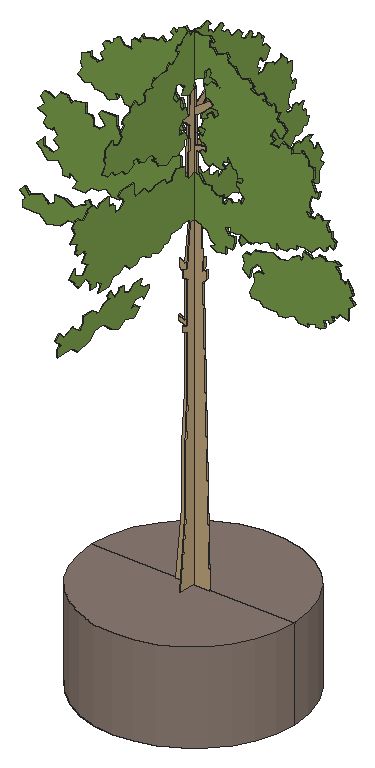
Revit family "L-PL특수목_소나무_3", category 수목, Revit 2019
Family settings
  OmniClass 번호 = 23.40.05.00
  OmniClass 제목 = Plants and Planting Products
  작업 기준면 기반 = 아니오
  항상 수직 = 예
  로드될 때 보이드를 사용하여 절단 = 아니오
  렌더 모양 소스 = 패밀리 형상
  공유 = 아니오
Parameters (values of type "소나무_특수목_3")
  한국산업규격KS = ""
  콘 높이 = 뿌리분 직경 / 4  # 272.5 mm
  조달청표준공사코드-세부공종 = "10161599202809"
  뿌리분 직경 = (24 mm + ((R / 10) - 3 mm) * 5) * 10  # 1090 mm
  뿌리분 높이 = 뿌리분 직경 / 2  # 545 mm
  높이 = 5000 mm
  건설정보분류체계-부위분류 = "E985"
  R = 200 mm
  LIM_INFO_주의사항 = "재배포, 재가공, 판매 금지"
  LIM_INFO_제작일 = "20211210"
  LIM_INFO_버전 = "2022_V01"
  LIM_INFO_PL_학명 = "Quercus myrsinaefolia Bl."
  LIM_INFO_PL_품명 = "가시나무"
  LIM_INFO_PL_주당인정수량 = 0
  LIM_INFO_PL_수목단위 = "주"
  LIM_INFO_PL_규격 = "5.0H X 18R"
  LIM_INFO_PL_구분 = "상록교목"
  LIM_INFO_PL_가격 = 0
  LIM_INFO_PL_Qty [instance] = 0
  LIM_INFO_PL_M2당수량 = 0
  KBIMS_식별-버전 = ""
  KBIMS_식별-bSK등록번호 = ""
  KBIMS_보급정보-저작자 = "림인포테크_MMJ"
  KBIMS_보급정보-보급코드 = ""
  H = 높이  # 5000 mm
Reference planes
  plane 1 "중심(앞/뒤)": y = 0
  plane 2: z = 0
  plane 3 "중심(왼쪽/오른쪽)": x = 0
  plane 4: x = 482.5
  plane 5: x = -607.5
  plane 6: z = -545
  plane 7: z = -817.5
  plane 8: z = 5000
  plane 9: x = -100
  plane 10: x = 100
Forms (mm)
  Revolve 1, solid, material "흙"
    sketch origin (0, 0, 0) x (1, 0, 0) y (0, 0, 1)
      loop
        line (0, 0) -> (-607.5, 0) -> (-607.5, -545) -> (0, -545) -> (0, 0)
      axis (0, 0) -> (0, -545)
    angle from 0 to 360
  Revolve 2, solid, material "흙"
    sketch origin (0, 0, 0) x (1, 0, 0) y (0, 0, 1)
      loop
        line (0, -545) -> (-607.5, -545) -> (0, -817.5) -> (0, -545)
      axis (0, -545) -> (0, -817.5)
    angle from 0 to 360
Dimensions and locks
  "뿌리분 직경": plane 4 to plane 5
  "뿌리분 높이": plane 6 to level
  "콘 높이": plane 7 to plane 6
  "H": level to plane 8
  "R": plane 9 to plane 10
  aligned and locked: level to plane 2
Automatic sketch dimensions
  Revolve 1 sketch curve to level = 0 mm  (x2)
  Revolve 1 sketch curve to plane 5 = 0 mm
  Revolve 1 sketch curve to plane 3 "중심(왼쪽/오른쪽)" = 0 mm  (x2)
  Revolve 1 sketch curve to plane 6 = 0 mm  (x2)
  Revolve 2 sketch curve to plane 5 = 0 mm
  Revolve 2 sketch curve to plane 3 "중심(왼쪽/오른쪽)" = 0 mm  (x2)
  Revolve 2 sketch curve to plane 7 = 0 mm  (x2)
  Revolve 2 sketch curve to plane 6 = 0 mm  (x2)
Nested families
  nested 1: "소나무3_base" at (0, 0, 0), type "소나무3_base"
Definition of nested family "소나무3_base"
  Parameters (values of type "소나무3_base")
    Height = 6000 mm
  Reference planes
    plane 1 "중심(앞/뒤)": y = 0
    plane 2: z = 0
    plane 3 "중심(왼쪽/오른쪽)": x = 0
  Forms (mm)
    Extrusion 1, solid
      sketch origin (1283.129, 0, -464.362) x (1, 0, 0) y (0, 0, 1)
        loop
          line (-1848.52, 2795.869) -> (-1828.432, 2775.765) -> (-1801.98, 2749.293) -> (-1839.141, 2719.508) -> (-1878.115, 2719.508) -> (-1878.115, 2758.452) -> (-1890.616, 2771.678) -> (-1922.972, 2771.678) -> (-1922.972, 2810.621) -> (-1922.972, 2827.521) -> (-1989.89, 2815.03) -> (-2009.009, 2796.661) -> (-2039.393, 2828.285) -> (-2077.397, 2828.285) -> (-2092.104, 2806.947) -> (-2109.912, 2781.112) -> (-2148.727, 2804.008) -> (-2171.523, 2804.008) -> (-2192.113, 2770.943) -> (-2170.788, 2737.878) -> (-2211.968, 2698.2) -> (-2156.816, 2677.626) -> (-2174.105, 2631.279) -> (-2155.345, 2613.7) -> (-2125.196, 2613.7) -> (-2114.165, 2626.926) -> (-2095.046, 2588.717) -> (-2119.313, 2557.856) -> (-2083.058, 2529.349) -> (-2114.12, 2489.847) -> (-2175.935, 2512.3) -> (-2175.935, 2551.978) -> (-2216.38, 2510.096) -> (-2194.003, 2488.487) -> (-2175.663, 2467.056) -> (-2151.901, 2439.29) -> (-2093.146, 2462.345) -> (-2062.498, 2416.407) -> (-2062.498, 2389.316) -> (-2022.418, 2389.316) -> (-2022.418, 2414.051) -> (-1975.266, 2383.426) -> (-2000.501, 2344.573) -> (-1922.22, 2344.573) -> (-1891.571, 2381.071) -> (-1846.776, 2381.071) -> (-1803.16, 2406.984) -> (-1768.975, 2374.003) -> (-1723.001, 2374.003) -> (-1692.352, 2398.739) -> (-1664.061, 2398.739) -> (-1642.842, 2379.893) -> (-1610.587, 2367.317) -> (-1604.096, 2383.964) -> (-1551.882, 2363.607) -> (-1516.921, 2376.897) -> (-1516.921, 2386.477) -> (-1495.533, 2386.477) -> (-1481.52, 2386.477) -> (-1468.982, 2409.323) -> (-1461.369, 2423.194) -> (-1429.156, 2423.194) -> (-1418.83, 2423.194) -> (-1381.954, 2423.194) -> (-1365.729, 2437.327) -> (-1318.527, 2437.327) -> (-1318.527, 2421.851) -> (-1266.163, 2421.851) -> (-1193.616, 2395.2) -> (-1174.327, 2352.946) -> (-1142.426, 2339.602) -> (-1175.069, 2320.329) -> (-1139.459, 2300.314) -> (-1082.334, 2310.692) -> (-1082.334, 2349.981) -> (-1040.047, 2349.981) -> (-1028.919, 2387.045) -> (-1028.919, 2416.697) -> (-1065.271, 2416.697) -> (-1082.334, 2453.021) -> (-1052.392, 2467.086) -> (-1052.392, 2437.454) -> (-1021.5, 2437.454) -> (-992.567, 2448.573) -> (-971.794, 2436.712) -> (-946.47, 2422.253) -> (-918.379, 2422.253) -> (-906.509, 2437.454) -> (-876.092, 2437.454) -> (-850.126, 2459.693) -> (-826.386, 2459.693) -> (-807.839, 2439.678) -> (-775.938, 2439.678) -> (-775.938, 2470.812) -> (-752.198, 2455.245) -> (-718.813, 2455.245) -> (-695.073, 2477.484) -> (-657.928, 2482.732) -> (-657.928, 2504.553) -> (-608.573, 2510.663) -> (-568.39, 2498.007) -> (-535.195, 2530.302) -> (-517.288, 2544.705) -> (-496.323, 2534.23) -> (-478.415, 2541.213) -> (-478.415, 2552.997) -> (-460.071, 2574.382) -> (-434.302, 2561.289) -> (-422.509, 2603.186) -> (-446.094, 2620.207) -> (-446.094, 2648.138) -> (-465.749, 2648.138) -> (-476.393, 2675.464) -> (-463.194, 2703.229) -> (-500.012, 2692.123) -> (-515.295, 2713.642) -> (-538.22, 2713.642) -> (-547.251, 2687.958) -> (-579.206, 2687.958) -> (-597.963, 2709.477) -> (-566.007, 2709.477) -> (-581.29, 2743.49) -> (-581.29, 2757.372) -> (-565.312, 2799.715) -> (-531.273, 2799.715) -> (-518.074, 2841.363) -> (-543.777, 2826.787) -> (-568.676, 2881.438) -> (-553.131, 2898.08) -> (-553.131, 2945.787) -> (-553.131, 2955.772) -> (-587.552, 2955.772) -> (-587.552, 2982.399) -> (-626.413, 3024.559) -> (-626.413, 3006.807) -> (-688.592, 2989.056) -> (-688.592, 3007.917) -> (-740.778, 3028.997) -> (-764.095, 2994.603) -> (-816.281, 2994.603) -> (-789.633, 3022.34) -> (-816.281, 3040.091) -> (-790.743, 3082.251) -> (-759.653, 3048.967) -> (-744.109, 3048.967) -> (-716.351, 3100.002) -> (-747.225, 3133.275) -> (-768.634, 3133.275) -> (-777.612, 3145.696) -> (-759.656, 3178.82) -> (-786.59, 3178.82) -> (-786.59, 3201.592) -> (-799.021, 3214.703) -> (-809.38, 3198.142) -> (-859.794, 3218.154) -> (-839.766, 3229.195) -> (-857.722, 3251.277) -> (-895.015, 3227.814) -> (-934.38, 3252.657) -> (-915.733, 3265.078) -> (-933.689, 3280.95) -> (-946.12, 3296.821) -> (-991.01, 3283.02) -> (-1007.584, 3299.581) -> (-1028.993, 3332.705) -> (-1050.402, 3332.705) -> (-1084.242, 3357.547) -> (-1064.214, 3367.898) -> (-1077.336, 3392.741) -> (-1111.176, 3373.419) -> (-1138.109, 3363.068) -> (-1156.065, 3389.98) -> (-1181.618, 3389.98) -> (-1181.618, 3422.413) -> (-1156.756, 3422.413) -> (-1180.927, 3449.326) -> (-1226.507, 3432.074) -> (-1272.087, 3444.496) -> (-1310.716, 3425.378) -> (-1322.231, 3448.646) -> (-1364.824, 3427.567) -> (-1379.133, 3402.967) -> (-1397.7, 3413.768) -> (-1413.043, 3387.392) -> (-1394.495, 3376.603) -> (-1410.875, 3348.442) -> (-1442.123, 3324.403) -> (-1466.694, 3344.937) -> (-1482.864, 3325.588) -> (-1482.864, 3313.69) -> (-1522.536, 3313.69) -> (-1577.485, 3298.513) -> (-1581.918, 3314.563) -> (-1598.481, 3284.675) -> (-1586.866, 3266.819) -> (-1632.433, 3275.301) -> (-1651.643, 3261.909) -> (-1645.835, 3238.251) -> (-1645.835, 3217.27) -> (-1697.068, 3217.27) -> (-1723.081, 3253.053) -> (-1758.303, 3227.448) -> (-1758.303, 3208.239) -> (-1807.398, 3200.172) -> (-1823.095, 3178.213) -> (-1804.258, 3159.391) -> (-1834.956, 3128.669) -> (-1819.507, 3097.996) -> (-1850.902, 3074.692) -> (-1893.957, 3090.377) -> (-1893.957, 3114.577) -> (-1949.57, 3086.344) -> (-1949.57, 3058.559) -> (-1956.298, 3038.393) -> (-1942.822, 3008.641) -> (-1971.077, 2966.964) -> (-1931.636, 2938.952) -> (-1892.055, 2954.053) -> (-1885.711, 2937.424) -> (-1869.026, 2920.255) -> (-1840.959, 2920.255) -> (-1817.211, 2920.255) -> (-1795.621, 2894.368) -> (-1778.349, 2894.368) -> (-1733.011, 2918.098) -> (-1745.377, 2941.725) -> (-1707.103, 2941.725) -> (-1689.112, 2905.154) -> (-1650.25, 2895.087) -> (-1628.66, 2910.188) -> (-1598.435, 2910.188) -> (-1572.527, 2878.548) -> (-1593.41, 2878.548) -> (-1565.44, 2855.533) -> (-1548.296, 2828.035) -> (-1489.648, 2810.905) -> (-1444.083, 2836.6) -> (-1411.149, 2821.273) -> (-1357.464, 2846.066) -> (-1357.464, 2880.326) -> (-1329.944, 2887.088) -> (-1352.501, 2923.151) -> (-1396.713, 2923.151) -> (-1396.713, 2963.271) -> (-1367.389, 2993.925) -> (-1327.633, 3003.124) -> (-1346.13, 3053.612) -> (-1367.008, 3045.963) -> (-1387.635, 3075.25) -> (-1387.635, 3112.214) -> (-1414.703, 3112.214) -> (-1444.906, 3146.638) -> (-1417.386, 3200.733) -> (-1382.648, 3200.733) -> (-1355.129, 3168.276) -> (-1372.723, 3134.467) -> (-1328.476, 3111.441) -> (-1269.406, 3131.213) -> (-1282.718, 3170.983) -> (-1247.213, 3201.36) -> (-1208.682, 3215.097) -> (-1208.682, 3244.966) -> (-1182.866, 3275.287) -> (-1170.184, 3248.586) -> (-1181.507, 3225.506) -> (-1143.009, 3218.717) -> (-1118.099, 3192.469) -> (-1170.637, 3203.783) -> (-1190.565, 3177.534) -> (-1217.74, 3177.534) -> (-1207.323, 3140.877) -> (-1207.323, 3112.818) -> (-1180.148, 3105.125) -> (-1162.485, 3079.329) -> (-1168.373, 3065.299) -> (-1132.14, 3065.299) -> (-1123.987, 3040.71) -> (-1152.068, 3018.987) -> (-1169.336, 3041.308) -> (-1197.014, 3019.897) -> (-1183.922, 3002.974) -> (-1209.588, 2990.928) -> (-1217.741, 2976.446) -> (-1226.772, 2944.091) -> (-1201.367, 2937) -> (-1219.525, 2898.835) -> (-1247.319, 2898.835) -> (-1235.03, 2865.493) -> (-1205.446, 2851.394) -> (-1205.446, 2815.466) -> (-1224.562, 2825.017) -> (-1242.768, 2805.461) -> (-1223.369, 2787.402) -> (-1212.728, 2758.164) -> (-1181.778, 2744.975) -> (-1159.932, 2768.169) -> (-1122.155, 2755.89) -> (-1091.205, 2764.076) -> (-1104.859, 2782.722) -> (-1093.936, 2800.459) -> (-1071.179, 2809.554) -> (-1071.179, 2832.294) -> (-1054.339, 2817.74) -> (-1041.595, 2789.544) -> (-1020.203, 2780.903) -> (-1010.645, 2754.07) -> (-1010.645, 2739.972) -> (-986.523, 2755.89) -> (-976.933, 2741.357) -> (-987.888, 2719.962) -> (-1017.927, 2719.962) -> (-1017.927, 2698.794) -> (-1001.481, 2686.515) -> (-1001.481, 2670.597) -> (-980.544, 2657.863) -> (-970.986, 2640.581) -> (-985.551, 2613.294) -> (-1008.764, 2625.684) -> (-1008.764, 2609.201) -> (-1040.623, 2599.196) -> (-1056.098, 2612.385) -> (-1082.041, 2612.385) -> (-1070.662, 2595.103) -> (-1082.496, 2575.092) -> (-1105.253, 2575.092) -> (-1105.253, 2606.927) -> (-1127.555, 2606.927) -> (-1138.934, 2600.56) -> (-1170.338, 2623.299) -> (-1170.338, 2643.31) -> (-1207.66, 2643.31) -> (-1222.68, 2649.677) -> (-1237.699, 2683.786) -> (-1278.662, 2683.786) -> (-1325.681, 2665.078) -> (-1352.154, 2687.856) -> (-1352.154, 2735.617) -> (-1415.394, 2753.987) -> (-1447.015, 2720.921) -> (-1447.015, 2706.226) -> (-1491.872, 2706.226) -> (-1502.902, 2734.147) -> (-1562.466, 2734.147) -> (-1594.822, 2720.921) -> (-1627.177, 2720.921) -> (-1655.121, 2753.252) -> (-1717.626, 2737.821) -> (-1739.687, 2770.886) -> (-1739.687, 2817.913) -> (-1826.459, 2817.913) -> (-1848.52, 2795.869)
        loop
          line (-2202.293, 2131.817) -> (-2156.789, 2097.118) -> (-2074.165, 2115.066) -> (-2029.859, 2155.748) -> (-1966.394, 2155.748) -> (-1907.736, 2110.7) -> (-1850.63, 2088.175) -> (-1803.291, 2115.204) -> (-1736.417, 2096.434) -> (-1689.83, 2133.975) -> (-1721.389, 2154.247) -> (-1757.456, 2154.247) -> (-1725.146, 2185.781) -> (-1670.293, 2185.781) -> (-1657.519, 2164.758) -> (-1626.712, 2200.797) -> (-1626.712, 2224.072) -> (-1652.26, 2224.072) -> (-1688.327, 2252.603) -> (-1677.056, 2276.629) -> (-1732.633, 2276.629) -> (-1767.197, 2245.389) -> (-1810.027, 2262.657) -> (-1810.027, 2299.447) -> (-1842.337, 2299.447) -> (-1842.337, 2284.431) -> (-1876.902, 2263.408) -> (-1890.496, 2285.76) -> (-1905.439, 2310.327) -> (-1930.403, 2295.144) -> (-1919.75, 2277.63) -> (-1954.42, 2265.827) -> (-1996.331, 2235.914) -> (-2045.426, 2265.827) -> (-2111.286, 2265.827) -> (-2111.286, 2225.146) -> (-2144.815, 2206.001) -> (-2191.516, 2241.897) -> (-2258.573, 2216.77) -> (-2289.707, 2250.272) -> (-2319.494, 2222.592) -> (-2286.887, 2187.504) -> (-2305.245, 2170.443) -> (-2305.245, 2131.817) -> (-2238.216, 2131.817) -> (-2202.293, 2131.817)
        loop
          line (-853.354, 2105.103) -> (-836.5, 2105.103) -> (-812.625, 2105.103) -> (-776.812, 2105.103) -> (-763.469, 2090.368) -> (-725.549, 2090.368) -> (-705.887, 2103.7) -> (-677.096, 2117.733) -> (-659.54, 2102.296) -> (-647.603, 2091.07) -> (-590.723, 2091.07) -> (-590.723, 2105.103) -> (-543.674, 2124.75) -> (-543.674, 2107.91) -> (-516.287, 2107.91) -> (-486.794, 2124.048) -> (-495.923, 2157.027) -> (-473.451, 2167.552) -> (-461.514, 2152.115) -> (-436.234, 2173.867) -> (-450.278, 2199.127) -> (-415.167, 2199.127) -> (-399.016, 2225.089) -> (-346.924, 2209.237) -> (-346.924, 2273.872) -> (-309.362, 2303.549) -> (-338.189, 2333.226) -> (-318.971, 2352.865) -> (-325.959, 2373.814) -> (-353.913, 2426.622) -> (-361.338, 2403.055) -> (-396.279, 2416.584) -> (-396.279, 2435.35) -> (-411.153, 2461.783) -> (-431.681, 2470.512) -> (-415.957, 2478.367) -> (-391.935, 2487.532) -> (-417.704, 2497.134) -> (-436.049, 2497.134) -> (-480.599, 2479.24) -> (-493.702, 2497.134) -> (-525.587, 2497.134) -> (-525.587, 2487.969) -> (-559.218, 2466.148) -> (-580.183, 2477.931) -> (-612.941, 2487.096) -> (-622.55, 2467.457) -> (-616.705, 2453.834) -> (-627.238, 2439.801) -> (-648.305, 2450.326) -> (-687.629, 2429.977) -> (-705.887, 2403.314) -> (-763.469, 2393.49) -> (-803.496, 2413.137) -> (-849.14, 2399.805) -> (-907.776, 2390.02) -> (-933.94, 2359.689) -> (-964.815, 2359.689) -> (-981.135, 2334.127) -> (-968.785, 2304.157) -> (-980.694, 2265.814) -> (-939.233, 2234.522) -> (-931.734, 2277.273) -> (-897.594, 2314.201) -> (-875.825, 2314.201) -> (-854.056, 2284.731) -> (-887.763, 2284.731) -> (-917.256, 2258.769) -> (-908.127, 2220.177) -> (-922.171, 2197.022) -> (-941.834, 2156.325) -> (-926.385, 2128.258) -> (-880.038, 2128.258) -> (-853.354, 2105.103)
      from 0 to 5
    Extrusion 2, solid
      sketch origin (1283.129, 0, -464.362) x (1, 0, 0) y (0, 0, 1)
        loop
          line (-1175.898, 3098.917) -> (-1269.406, 3034.888) -> (-1269.406, 3131.213) -> (-1311.462, 3117.136) -> (-1313.048, 2991.29) -> (-1334.619, 3001.507) -> (-1367.389, 2993.925) -> (-1368.726, 2992.527) -> (-1317.947, 2943.949) -> (-1325.681, 2665.078) -> (-1278.662, 2683.786) -> (-1258.181, 2683.786) -> (-1258.181, 2803.734) -> (-1242.768, 2805.461) -> (-1224.562, 2825.017) -> (-1205.446, 2815.466) -> (-1205.446, 2844.812) -> (-1262.745, 2835.611) -> (-1262.745, 2901.954) -> (-1262.745, 2995.257) -> (-1217.762, 3024.739) -> (-1162.485, 3079.329) -> (-1175.898, 3098.917)
        loop
          line (-1309.414, 2421.851) -> (-1329.405, 2175.451) -> (-1361.737, 2188.668) -> (-1361.737, 2145.403) -> (-1330.385, 2118.48) -> (-1330.385, 1870.611) -> (-1364.824, 1885.579) -> (-1364.824, 1855.065) -> (-1332.599, 1843.039) -> (-1332.599, 1489.471) -> (-1349.013, 1195.065) -> (-1349.013, 852.618) -> (-1383.129, 464.362) -> (-1183.129, 464.362) -> (-1222.578, 2104.555) -> (-1198.384, 2130.967) -> (-1198.384, 2184.584) -> (-1224.136, 2169.318) -> (-1229.889, 2408.525) -> (-1266.163, 2421.851) -> (-1309.414, 2421.851)
      from 0 to 5
    Extrusion 3, solid
      sketch origin (0, 1283.129, -464.362) x (0, 1, 0) y (0, 0, 1)
        loop
          line (-1848.52, 2795.869) -> (-1828.432, 2775.765) -> (-1801.98, 2749.293) -> (-1839.141, 2719.508) -> (-1878.115, 2719.508) -> (-1878.115, 2758.452) -> (-1890.616, 2771.678) -> (-1922.972, 2771.678) -> (-1922.972, 2810.621) -> (-1922.972, 2827.521) -> (-1989.89, 2815.03) -> (-2009.009, 2796.661) -> (-2039.393, 2828.285) -> (-2077.397, 2828.285) -> (-2092.104, 2806.947) -> (-2109.912, 2781.112) -> (-2148.727, 2804.008) -> (-2171.523, 2804.008) -> (-2192.113, 2770.943) -> (-2170.788, 2737.878) -> (-2211.968, 2698.2) -> (-2156.816, 2677.626) -> (-2174.105, 2631.279) -> (-2155.345, 2613.7) -> (-2125.196, 2613.7) -> (-2114.165, 2626.926) -> (-2095.046, 2588.717) -> (-2119.313, 2557.856) -> (-2083.058, 2529.349) -> (-2114.12, 2489.847) -> (-2175.935, 2512.3) -> (-2175.935, 2551.978) -> (-2216.38, 2510.096) -> (-2194.003, 2488.487) -> (-2175.663, 2467.056) -> (-2151.901, 2439.29) -> (-2093.146, 2462.345) -> (-2062.498, 2416.407) -> (-2062.498, 2389.316) -> (-2022.418, 2389.316) -> (-2022.418, 2414.051) -> (-1975.266, 2383.426) -> (-2000.501, 2344.573) -> (-1922.22, 2344.573) -> (-1891.571, 2381.071) -> (-1846.776, 2381.071) -> (-1803.16, 2406.984) -> (-1768.975, 2374.003) -> (-1723.001, 2374.003) -> (-1692.352, 2398.739) -> (-1664.061, 2398.739) -> (-1642.842, 2379.893) -> (-1610.587, 2367.317) -> (-1604.096, 2383.964) -> (-1551.882, 2363.607) -> (-1516.921, 2376.897) -> (-1516.921, 2386.477) -> (-1495.533, 2386.477) -> (-1481.52, 2386.477) -> (-1468.982, 2409.323) -> (-1461.369, 2423.194) -> (-1429.156, 2423.194) -> (-1418.83, 2423.194) -> (-1381.954, 2423.194) -> (-1365.729, 2437.327) -> (-1318.527, 2437.327) -> (-1318.527, 2421.851) -> (-1266.163, 2421.851) -> (-1193.616, 2395.2) -> (-1174.327, 2352.946) -> (-1142.426, 2339.602) -> (-1175.069, 2320.329) -> (-1139.459, 2300.314) -> (-1082.334, 2310.692) -> (-1082.334, 2349.981) -> (-1040.047, 2349.981) -> (-1028.919, 2387.045) -> (-1028.919, 2416.697) -> (-1065.271, 2416.697) -> (-1082.334, 2453.021) -> (-1052.392, 2467.086) -> (-1052.392, 2437.454) -> (-1021.5, 2437.454) -> (-992.567, 2448.573) -> (-971.794, 2436.712) -> (-946.47, 2422.253) -> (-918.379, 2422.253) -> (-906.509, 2437.454) -> (-876.092, 2437.454) -> (-850.126, 2459.693) -> (-826.386, 2459.693) -> (-807.839, 2439.678) -> (-775.938, 2439.678) -> (-775.938, 2470.812) -> (-752.198, 2455.245) -> (-718.813, 2455.245) -> (-695.073, 2477.484) -> (-657.928, 2482.732) -> (-657.928, 2504.553) -> (-608.573, 2510.663) -> (-568.39, 2498.007) -> (-535.195, 2530.302) -> (-517.288, 2544.705) -> (-496.323, 2534.23) -> (-478.415, 2541.213) -> (-478.415, 2552.997) -> (-460.071, 2574.382) -> (-434.302, 2561.289) -> (-422.509, 2603.186) -> (-446.094, 2620.207) -> (-446.094, 2648.138) -> (-465.749, 2648.138) -> (-476.393, 2675.464) -> (-463.194, 2703.229) -> (-500.012, 2692.123) -> (-515.295, 2713.642) -> (-538.22, 2713.642) -> (-547.251, 2687.958) -> (-579.206, 2687.958) -> (-597.963, 2709.477) -> (-566.007, 2709.477) -> (-581.29, 2743.49) -> (-581.29, 2757.372) -> (-565.312, 2799.715) -> (-531.273, 2799.715) -> (-518.074, 2841.363) -> (-543.777, 2826.787) -> (-568.676, 2881.438) -> (-553.131, 2898.08) -> (-553.131, 2945.787) -> (-553.131, 2955.772) -> (-587.552, 2955.772) -> (-587.552, 2982.399) -> (-626.413, 3024.559) -> (-626.413, 3006.807) -> (-688.592, 2989.056) -> (-688.592, 3007.917) -> (-740.778, 3028.997) -> (-764.095, 2994.603) -> (-816.281, 2994.603) -> (-789.633, 3022.34) -> (-816.281, 3040.091) -> (-790.743, 3082.251) -> (-759.653, 3048.967) -> (-744.109, 3048.967) -> (-716.351, 3100.002) -> (-747.225, 3133.275) -> (-768.634, 3133.275) -> (-777.612, 3145.696) -> (-759.656, 3178.82) -> (-786.59, 3178.82) -> (-786.59, 3201.592) -> (-799.021, 3214.703) -> (-809.38, 3198.142) -> (-859.794, 3218.154) -> (-839.766, 3229.195) -> (-857.722, 3251.277) -> (-895.015, 3227.814) -> (-934.38, 3252.657) -> (-915.733, 3265.078) -> (-933.689, 3280.95) -> (-946.12, 3296.821) -> (-991.01, 3283.02) -> (-1007.584, 3299.581) -> (-1028.993, 3332.705) -> (-1050.402, 3332.705) -> (-1084.242, 3357.547) -> (-1064.214, 3367.898) -> (-1077.336, 3392.741) -> (-1111.176, 3373.419) -> (-1138.109, 3363.068) -> (-1156.065, 3389.98) -> (-1181.618, 3389.98) -> (-1181.618, 3422.413) -> (-1156.756, 3422.413) -> (-1180.927, 3449.326) -> (-1226.507, 3432.074) -> (-1272.087, 3444.496) -> (-1310.716, 3425.378) -> (-1322.231, 3448.646) -> (-1364.824, 3427.567) -> (-1379.133, 3402.967) -> (-1397.7, 3413.768) -> (-1413.043, 3387.392) -> (-1394.495, 3376.603) -> (-1410.875, 3348.442) -> (-1442.123, 3324.403) -> (-1466.694, 3344.937) -> (-1482.864, 3325.588) -> (-1482.864, 3313.69) -> (-1522.536, 3313.69) -> (-1577.485, 3298.513) -> (-1581.918, 3314.563) -> (-1598.481, 3284.675) -> (-1586.866, 3266.819) -> (-1632.433, 3275.301) -> (-1651.643, 3261.909) -> (-1645.835, 3238.251) -> (-1645.835, 3217.27) -> (-1697.068, 3217.27) -> (-1723.081, 3253.053) -> (-1758.303, 3227.448) -> (-1758.303, 3208.239) -> (-1807.398, 3200.172) -> (-1823.095, 3178.213) -> (-1804.258, 3159.391) -> (-1834.956, 3128.669) -> (-1819.507, 3097.996) -> (-1850.902, 3074.692) -> (-1893.957, 3090.377) -> (-1893.957, 3114.577) -> (-1949.57, 3086.344) -> (-1949.57, 3058.559) -> (-1956.298, 3038.393) -> (-1942.822, 3008.641) -> (-1971.077, 2966.964) -> (-1931.636, 2938.952) -> (-1892.055, 2954.053) -> (-1885.711, 2937.424) -> (-1869.026, 2920.255) -> (-1840.959, 2920.255) -> (-1817.211, 2920.255) -> (-1795.621, 2894.368) -> (-1778.349, 2894.368) -> (-1733.011, 2918.098) -> (-1745.377, 2941.725) -> (-1707.103, 2941.725) -> (-1689.112, 2905.154) -> (-1650.25, 2895.087) -> (-1628.66, 2910.188) -> (-1598.435, 2910.188) -> (-1572.527, 2878.548) -> (-1593.41, 2878.548) -> (-1565.44, 2855.533) -> (-1548.296, 2828.035) -> (-1489.648, 2810.905) -> (-1444.083, 2836.6) -> (-1411.149, 2821.273) -> (-1357.464, 2846.066) -> (-1357.464, 2880.326) -> (-1329.944, 2887.088) -> (-1352.501, 2923.151) -> (-1396.713, 2923.151) -> (-1396.713, 2963.271) -> (-1367.389, 2993.925) -> (-1327.633, 3003.124) -> (-1346.13, 3053.612) -> (-1367.008, 3045.963) -> (-1387.635, 3075.25) -> (-1387.635, 3112.214) -> (-1414.703, 3112.214) -> (-1444.906, 3146.638) -> (-1417.386, 3200.733) -> (-1382.648, 3200.733) -> (-1355.129, 3168.276) -> (-1372.723, 3134.467) -> (-1328.476, 3111.441) -> (-1269.406, 3131.213) -> (-1282.718, 3170.983) -> (-1247.213, 3201.36) -> (-1208.682, 3215.097) -> (-1208.682, 3244.966) -> (-1182.866, 3275.287) -> (-1170.184, 3248.586) -> (-1181.507, 3225.506) -> (-1143.009, 3218.717) -> (-1118.099, 3192.469) -> (-1170.637, 3203.783) -> (-1190.565, 3177.534) -> (-1217.74, 3177.534) -> (-1207.323, 3140.877) -> (-1207.323, 3112.818) -> (-1180.148, 3105.125) -> (-1162.485, 3079.329) -> (-1168.373, 3065.299) -> (-1132.14, 3065.299) -> (-1123.987, 3040.71) -> (-1152.068, 3018.987) -> (-1169.336, 3041.308) -> (-1197.014, 3019.897) -> (-1183.922, 3002.974) -> (-1209.588, 2990.928) -> (-1217.741, 2976.446) -> (-1226.772, 2944.091) -> (-1201.367, 2937) -> (-1219.525, 2898.835) -> (-1247.319, 2898.835) -> (-1235.03, 2865.493) -> (-1205.446, 2851.394) -> (-1205.446, 2815.466) -> (-1224.562, 2825.017) -> (-1242.768, 2805.461) -> (-1223.369, 2787.402) -> (-1212.728, 2758.164) -> (-1181.778, 2744.975) -> (-1159.932, 2768.169) -> (-1122.155, 2755.89) -> (-1091.205, 2764.076) -> (-1104.859, 2782.722) -> (-1093.936, 2800.459) -> (-1071.179, 2809.554) -> (-1071.179, 2832.294) -> (-1054.339, 2817.74) -> (-1041.595, 2789.544) -> (-1020.203, 2780.903) -> (-1010.645, 2754.07) -> (-1010.645, 2739.972) -> (-986.523, 2755.89) -> (-976.933, 2741.357) -> (-987.888, 2719.962) -> (-1017.927, 2719.962) -> (-1017.927, 2698.794) -> (-1001.481, 2686.515) -> (-1001.481, 2670.597) -> (-980.544, 2657.863) -> (-970.986, 2640.581) -> (-985.551, 2613.294) -> (-1008.764, 2625.684) -> (-1008.764, 2609.201) -> (-1040.623, 2599.196) -> (-1056.098, 2612.385) -> (-1082.041, 2612.385) -> (-1070.662, 2595.103) -> (-1082.496, 2575.092) -> (-1105.253, 2575.092) -> (-1105.253, 2606.927) -> (-1127.555, 2606.927) -> (-1138.934, 2600.56) -> (-1170.338, 2623.299) -> (-1170.338, 2643.31) -> (-1207.66, 2643.31) -> (-1222.68, 2649.677) -> (-1237.699, 2683.786) -> (-1278.662, 2683.786) -> (-1325.681, 2665.078) -> (-1352.154, 2687.856) -> (-1352.154, 2735.617) -> (-1415.394, 2753.987) -> (-1447.015, 2720.921) -> (-1447.015, 2706.226) -> (-1491.872, 2706.226) -> (-1502.902, 2734.147) -> (-1562.466, 2734.147) -> (-1594.822, 2720.921) -> (-1627.177, 2720.921) -> (-1655.121, 2753.252) -> (-1717.626, 2737.821) -> (-1739.687, 2770.886) -> (-1739.687, 2817.913) -> (-1826.459, 2817.913) -> (-1848.52, 2795.869)
        loop
          line (-2202.293, 2131.817) -> (-2156.789, 2097.118) -> (-2074.165, 2115.066) -> (-2029.859, 2155.748) -> (-1966.394, 2155.748) -> (-1907.736, 2110.7) -> (-1850.63, 2088.175) -> (-1803.291, 2115.204) -> (-1736.417, 2096.434) -> (-1689.83, 2133.975) -> (-1721.389, 2154.247) -> (-1757.456, 2154.247) -> (-1725.146, 2185.781) -> (-1670.293, 2185.781) -> (-1657.519, 2164.758) -> (-1626.712, 2200.797) -> (-1626.712, 2224.072) -> (-1652.26, 2224.072) -> (-1688.327, 2252.603) -> (-1677.056, 2276.629) -> (-1732.633, 2276.629) -> (-1767.197, 2245.389) -> (-1810.027, 2262.657) -> (-1810.027, 2299.447) -> (-1842.337, 2299.447) -> (-1842.337, 2284.431) -> (-1876.902, 2263.408) -> (-1890.496, 2285.76) -> (-1905.439, 2310.327) -> (-1930.403, 2295.144) -> (-1919.75, 2277.63) -> (-1954.42, 2265.827) -> (-1996.331, 2235.914) -> (-2045.426, 2265.827) -> (-2111.286, 2265.827) -> (-2111.286, 2225.146) -> (-2144.815, 2206.001) -> (-2191.516, 2241.897) -> (-2258.573, 2216.77) -> (-2289.707, 2250.272) -> (-2319.494, 2222.592) -> (-2286.887, 2187.504) -> (-2305.245, 2170.443) -> (-2305.245, 2131.817) -> (-2238.216, 2131.817) -> (-2202.293, 2131.817)
        loop
          line (-853.354, 2105.103) -> (-836.5, 2105.103) -> (-812.625, 2105.103) -> (-776.812, 2105.103) -> (-763.469, 2090.368) -> (-725.549, 2090.368) -> (-705.887, 2103.7) -> (-677.096, 2117.733) -> (-659.54, 2102.296) -> (-647.603, 2091.07) -> (-590.723, 2091.07) -> (-590.723, 2105.103) -> (-543.674, 2124.75) -> (-543.674, 2107.91) -> (-516.287, 2107.91) -> (-486.794, 2124.048) -> (-495.923, 2157.027) -> (-473.451, 2167.552) -> (-461.514, 2152.115) -> (-436.234, 2173.867) -> (-450.278, 2199.127) -> (-415.167, 2199.127) -> (-399.016, 2225.089) -> (-346.924, 2209.237) -> (-346.924, 2273.872) -> (-309.362, 2303.549) -> (-338.189, 2333.226) -> (-318.971, 2352.865) -> (-325.959, 2373.814) -> (-353.913, 2426.622) -> (-361.338, 2403.055) -> (-396.279, 2416.584) -> (-396.279, 2435.35) -> (-411.153, 2461.783) -> (-431.681, 2470.512) -> (-415.957, 2478.367) -> (-391.935, 2487.532) -> (-417.704, 2497.134) -> (-436.049, 2497.134) -> (-480.599, 2479.24) -> (-493.702, 2497.134) -> (-525.587, 2497.134) -> (-525.587, 2487.969) -> (-559.218, 2466.148) -> (-580.183, 2477.931) -> (-612.941, 2487.096) -> (-622.55, 2467.457) -> (-616.705, 2453.834) -> (-627.238, 2439.801) -> (-648.305, 2450.326) -> (-687.629, 2429.977) -> (-705.887, 2403.314) -> (-763.469, 2393.49) -> (-803.496, 2413.137) -> (-849.14, 2399.805) -> (-907.776, 2390.02) -> (-933.94, 2359.689) -> (-964.815, 2359.689) -> (-981.135, 2334.127) -> (-968.785, 2304.157) -> (-980.694, 2265.814) -> (-939.233, 2234.522) -> (-931.734, 2277.273) -> (-897.594, 2314.201) -> (-875.825, 2314.201) -> (-854.056, 2284.731) -> (-887.763, 2284.731) -> (-917.256, 2258.769) -> (-908.127, 2220.177) -> (-922.171, 2197.022) -> (-941.834, 2156.325) -> (-926.385, 2128.258) -> (-880.038, 2128.258) -> (-853.354, 2105.103)
      from 0 to 5
    Extrusion 4, solid
      sketch origin (0, 1283.129, -464.362) x (0, 1, 0) y (0, 0, 1)
        loop
          line (-1175.898, 3098.917) -> (-1269.406, 3034.888) -> (-1269.406, 3131.213) -> (-1311.462, 3117.136) -> (-1313.048, 2991.29) -> (-1334.619, 3001.507) -> (-1367.389, 2993.925) -> (-1368.726, 2992.527) -> (-1317.947, 2943.949) -> (-1325.681, 2665.078) -> (-1278.662, 2683.786) -> (-1258.181, 2683.786) -> (-1258.181, 2803.734) -> (-1242.768, 2805.461) -> (-1224.562, 2825.017) -> (-1205.446, 2815.466) -> (-1205.446, 2844.812) -> (-1262.745, 2835.611) -> (-1262.745, 2901.954) -> (-1262.745, 2995.257) -> (-1217.762, 3024.739) -> (-1162.485, 3079.329) -> (-1175.898, 3098.917)
        loop
          line (-1309.414, 2421.851) -> (-1329.405, 2175.451) -> (-1361.737, 2188.668) -> (-1361.737, 2145.403) -> (-1330.385, 2118.48) -> (-1330.385, 1870.611) -> (-1364.824, 1885.579) -> (-1364.824, 1855.065) -> (-1332.599, 1843.039) -> (-1332.599, 1489.471) -> (-1349.013, 1195.065) -> (-1349.013, 852.618) -> (-1383.129, 464.362) -> (-1183.129, 464.362) -> (-1222.578, 2104.555) -> (-1198.384, 2130.967) -> (-1198.384, 2184.584) -> (-1224.136, 2169.318) -> (-1229.889, 2408.525) -> (-1266.163, 2421.851) -> (-1309.414, 2421.851)
      from 0 to 5
  Lines and regions (mm)
    symbolic lines
      curve 1: arc (646.101, -1366.729, 0) -> (387.083, -1322.686, 0) -> (192.84, -1499.604, 0) r 299.792
      curve 2: arc (279.296, 1481.351, 0) -> (462.959, 1293.473, 0) -> (724.094, 1322.429, 0) r 299.792
      curve 3: arc (-724.094, -1326.989, 0) -> (-840.709, -1091.552, 0) -> (-1098.012, -1038.396, 0) r 299.792
      curve 4: arc (-1098.012, -1038.396, 0) -> (-1136.166, -778.446, 0) -> (-1364.449, -648.381, 0) r 299.792
      curve 5: arc (192.84, -1499.604, 0) -> (-39.89, -1377.676, 0) -> (-279.296, -1485.911, 0) r 299.792
      curve 6: arc (-279.296, -1485.911, 0) -> (-462.959, -1298.033, 0) -> (-724.094, -1326.989, 0) r 299.792
      curve 7: arc (-1497.324, -195.121, 0) -> (-1375.396, 37.61, 0) -> (-1483.631, 277.016, 0) r 299.792
      curve 8: arc (-1483.631, 277.016, 0) -> (-1295.753, 460.679, 0) -> (-1324.709, 721.814, 0) r 299.792
      curve 9: arc (-1324.709, 721.814, 0) -> (-1089.272, 838.429, 0) -> (-1036.116, 1095.732, 0) r 299.792
      curve 10: arc (-1036.116, 1095.732, 0) -> (-776.166, 1133.886, 0) -> (-646.101, 1362.169, 0) r 299.792
      curve 11: arc (-646.101, 1362.169, 0) -> (-387.083, 1318.126, 0) -> (-192.84, 1495.044, 0) r 299.792
      curve 12: arc (-192.84, 1495.044, 0) -> (39.89, 1373.116, 0) -> (279.296, 1481.351, 0) r 299.792
      curve 13: arc (-1364.449, -648.381, 0) -> (-1320.406, -389.363, 0) -> (-1497.324, -195.121, 0) r 299.792
      curve 14: line (1036.116, -1100.292, 0) -> (0, -2.28, 0)
      curve 15: line (0, -2.28, 0) -> (646.101, -1366.729, 0)
      curve 16: line (1483.631, -281.576, 0) -> (0, -2.28, 0)
      curve 17: line (0, -2.28, 0) -> (1497.324, 190.56, 0)
      curve 18: line (1364.449, 643.821, 0) -> (0, -2.28, 0)
      curve 19: line (0, -2.28, 0) -> (1324.709, -726.374, 0)
      curve 20: line (724.094, 1322.429, 0) -> (0, -2.28, 0)
      curve 21: line (0, -2.28, 0) -> (1098.012, 1033.836, 0)
      curve 22: line (-724.094, -1326.989, 0) -> (0, -2.28, 0)
      curve 23: line (0, -2.28, 0) -> (-1098.012, -1038.396, 0)
      curve 24: line (192.84, -1499.604, 0) -> (0, -2.28, 0)
      curve 25: line (0, -2.28, 0) -> (-279.296, -1485.911, 0)
      curve 26: line (-1364.449, -648.381, 0) -> (0, -2.28, 0)
      curve 27: line (0, -2.28, 0) -> (-1497.324, -195.121, 0)
      curve 28: line (-1036.116, 1095.732, 0) -> (0, -2.28, 0)
      curve 29: line (0, -2.28, 0) -> (-1483.631, 277.016, 0)
      curve 30: line (-192.84, 1495.044, 0) -> (0, -2.28, 0)
      curve 31: line (0, -2.28, 0) -> (-1324.709, 721.814, 0)
      curve 32: line (279.296, 1481.351, 0) -> (0, -2.28, 0)
      curve 33: line (0, -2.28, 0) -> (-646.101, 1362.169, 0)
      curve 34: arc (1324.709, -726.374, 0) -> (1089.272, -842.989, 0) -> (1036.116, -1100.292, 0) r 299.792
      curve 35: arc (1036.116, -1100.292, 0) -> (776.166, -1138.446, 0) -> (646.101, -1366.729, 0) r 299.792
      curve 36: arc (724.094, 1322.429, 0) -> (840.709, 1086.992, 0) -> (1098.012, 1033.836, 0) r 299.792
      curve 37: arc (1098.012, 1033.836, 0) -> (1136.166, 773.886, 0) -> (1364.449, 643.821, 0) r 299.792
      curve 38: arc (1364.449, 643.821, 0) -> (1320.406, 384.803, 0) -> (1497.324, 190.56, 0) r 299.792
      curve 39: arc (1497.324, 190.56, 0) -> (1375.396, -42.17, 0) -> (1483.631, -281.576, 0) r 299.792
      curve 40: arc (1483.631, -281.576, 0) -> (1295.753, -465.239, 0) -> (1324.709, -726.374, 0) r 299.792
  Dimensions and locks
    aligned and locked: level to plane 2
